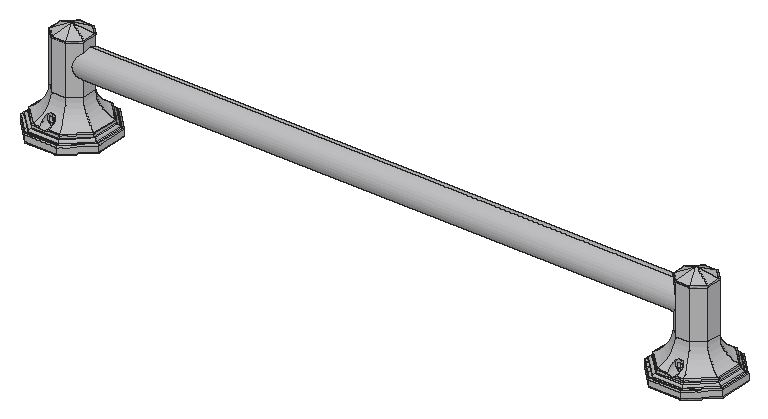
Revit family "Accessory-Towel_Bar-KALLISTA-For_Town-P31003-1", category Specialty Equipment, host Face, Revit 2022
Family settings
  Host = Face
  Round Connector Dimension = Use Diameter
  Part Type = Normal
  OmniClass Number = 23.31.25.00
  Cut with Voids When Loaded = No
  Maintain Annotation Orientation = No
  Shared = No
  Room Calculation Point = No
Parameters (values of type "CP-Chrome")
  Width = 2.77559"  # constant formula
  WaterSense Certified = 1 = 0  # no
  URL = "https://www.kallista.com/"
  Type = 2
  Product Page URL = "https://www.kallista.com/products/luxury-bathroom/showering/shower-fittings/for-town-shower-door-towel-bar-18-p31003-tt/cp-polished-chrome"
  Product Name = "For Town"  # constant formula
  Product Documentation Link = "https://techcomm.kohler.com/techcomm/pdf/P31003-TT_spec_US-CA_Kallista_en.pdf"
  Model = if(Type = 1, "P31003-TT-AD", if(Type = 2, "P31003-TT-CP", "NA"))  # "P31003-TT-CP"
  Material = "Premium Metal Construction"  # constant formula
  Master Format 2014 Name = "Toilet, Bath, and Laundry Accessories"  # constant formula
  Master Format 2014 = "10 28 00"  # constant formula
  Manufacturer Address = "444 Highland Dr, Kohler, WI 53044"  # constant formula
  Manufacturer = "Kallista Co."  # constant formula
  Length = 20.25197"  # constant formula
  Height = 2.25197"  # constant formula
  Finish = Kallista-Metal-CP-Chrome
  Environmental Product Declaration = ""
  Description = "Shower Door Towel Bar, 18 Inch"  # constant formula
  Default Elevation = 42"
  Declare Label = ""
  Date Modified = "05/18/2025"  # constant formula
  Date Created = "05/18/2025"  # constant formula
  Copyright = "Copyright Kallista Co."  # constant formula
  Contact Us = "https://www.kallista.com/corporate/contact-us/"
  Assembly Code = "C1030200"
  ADA Compliant = 1 = 0  # no
Types (3): name | Type | Product Page URL | Model | Finish
  (no name) | 2 | "https://www.kallista.com/products/luxury-bathroom/showering/shower-fittings/for-town-shower-door-towel-bar-18-p31003-tt/cp-polished-chrome" | "P31003-TT-CP" | Kallista-Metal-CP-Chrome
  AD-Nickel Silver | 1 | "https://www.kallista.com/products/luxury-bathroom/showering/shower-fittings/for-town-shower-door-towel-bar-18-p31003-tt/ad-nickel-silver" | "P31003-TT-AD" | Kallista-Metal-AD-Nickel_Silver
  CP-Chrome | 2 | "https://www.kallista.com/products/luxury-bathroom/showering/shower-fittings/for-town-shower-door-towel-bar-18-p31003-tt/cp-polished-chrome" | "P31003-TT-CP" | Kallista-Metal-CP-Chrome
Reference planes (in)
  plane 1 "Center (Front/Back)": y = 0
  plane 2: z = 0
  plane 3 "Center (Left/Right)": x = 0
  plane 4: x = -10.1259843
  plane 5: x = -7.8740157
  plane 6: x = 10.1259843
  plane 7: x = 7.8740157
  plane 8: y = 1.1259843
  plane 9: y = -1.1259843
  plane 10: y = 0.4055118
  plane 11: y = -0.4055118
  plane 12: x = 9
  plane 13: x = -9
  plane 14: z = 2.7755906
  plane 15: z = 1.5016326
  plane 16: z = 2.3126562
Dimensions and locks (in)
  "Length": plane 4 to plane 6
  "Height": plane 8 to plane 9
  "Width": level to plane 14
  plane 15 to level = 1.50163"
  plane 14 to level = 2.77559"
  plane 16 to level = 2.31266"
  plane 5 to plane 7 = 15.74803"
  plane 4 to plane 6 = 20.25197"
  plane 7 to plane 6 = 2.25197"
  aligned and locked: plane 2 to host face
  aligned and locked: level to host face
Automatic sketch dimensions
  host sketch curve to host sketch curve = 96"  (x2)
Nested families (in)
  nested 1: "P31003" at (0, 0, 0), type "P31003"
Definition of nested family "P31003"
  Parameters
    Material = none
    Default Elevation = 0"
  Reference planes (in)
    plane 1 "Center (Front/Back)": y = 0
    plane 2: z = 0
    plane 3 "Center (Left/Right)": x = 0
    plane 4: x = -10.1259843
    plane 5: x = 10.1259843
    plane 6: x = -9
    plane 7: x = 9
    plane 8: x = -7.8740157
    plane 9: y = 1.1259843
    plane 10: y = -1.1259843
    plane 11: x = 7.8740157
    plane 12: y = 0.4055118
    plane 13: y = -0.4055118
    plane 14: z = 2.7755906
    plane 15: z = 2.3126562
    plane 16: z = 1.9071444
    plane 17: z = 1.5016326
  Forms (in)
    Sweep 1, solid, material <- "Material"
      path origin (0, 0, 0) x (1, 0, 0) y (0, 1, 0)
        loop
          line (9.4644439, 1.1259843) -> (8.531954, 1.1259843) -> (7.8740157, 0.468046) -> (7.8740157, -0.4667888) -> (8.5332112, -1.1259843) -> (9.4645299, -1.1259843) -> (10.1259843, -0.4645299) -> (10.1259843, 0.4644439) -> (9.4644439, 1.1259843)
      profile origin (10.1259843, -0.000043, 0) x (-1, 0, 0) y (0, 0, 1)
        loop
          arc (0, 0.0212174) -> (0.0062144, 0.0062144) -> (0.0212174, 0) r 0.0212174
          line (0.0212174, 0) -> (0.8244918, 0) -> (0.8244918, 2.5439653) -> (0.6276414, 2.5439653) -> (0.6276414, 1.1271069)
          arc (0.6276414, 1.1271069) -> (0.5094484, 0.7152386) -> (0.1908403, 0.4287182) r 0.7767173
          arc (0.1908403, 0.4287182) -> (0.1791761, 0.4182286) -> (0.174849, 0.4031501) r 0.0284356
          line (0.174849, 0.4031501) -> (0.174849, 0.3364575)
          arc (0.174849, 0.3364575) -> (0.169371, 0.3216214) -> (0.155566, 0.3139054) r 0.0228292
          arc (0.155566, 0.3139054) -> (0.1132512, 0.2921584) -> (0.0921928, 0.2494969) r 0.0759035
          arc (0.0921928, 0.2494969) -> (0.0847569, 0.2349876) -> (0.0699344, 0.2281977) r 0.0248787
          line (0.0699344, 0.2281977) -> (0.0210534, 0.2235045)
          arc (0.0210534, 0.2235045) -> (0.0060494, 0.2159867) -> (0, 0.2003329) r 0.0232782
          line (0, 0.2003329) -> (0, 0.0212174)
    Sweep 2, solid, material <- "Material", detail levels medium+fine
      path origin (0, 0, 0) x (1, 0, 0) y (0, 1, 0)
        loop
          line (9.4988915, -0.2070554) -> (9.4988915, 0.2079368) -> (9.2061449, 0.5006835) -> (8.7904346, 0.5006835) -> (8.4988498, 0.2090986) -> (8.4988498, -0.2068858) -> (8.7900389, -0.4980749) -> (9.2078721, -0.4980749) -> (9.4988915, -0.2070554)
      profile origin (9.4988915, 0.0004407, 0) x (1, 0, 0) y (0, 0, 1)
        loop
          line (-0.4882121, 2.7798726) -> (-0.4882121, 2.7191391) -> (-0.0887944, 2.5328876) -> (-0.0109879, 2.5328876)
          arc (-0.0109879, 2.5328876) -> (0.0003615, 2.5419965) -> (-0.006075, 2.5550484) r 0.011625
          line (-0.006075, 2.5550484) -> (-0.4882121, 2.7798726)
    Revolve 3, void
      sketch origin (9.0551181, 0.0123031, 0) x (0, 1, 0) y (0, 0, 1)
        loop
          line (-0.2318585, 0.5288719) -> (-0.2318585, 0.5792705) -> (-0.3014924, 0.6202095) -> (-0.3255642, 0.5961378) -> (-0.3488347, 0.6194083) -> (-0.3716691, 0.5965739) -> (-0.3953047, 0.6202095) -> (-0.4193764, 0.5961378) -> (-0.442647, 0.6194083) -> (-0.4654814, 0.5965739) -> (-0.489117, 0.6202095) -> (-0.5131887, 0.5961378) -> (-0.5364592, 0.6194083) -> (-0.5592936, 0.5965739) -> (-0.5829293, 0.6202095) -> (-0.651793, 0.6202095) -> (-0.651793, 0.68995) -> (-0.9674267, 0.68995) -> (-0.9674267, 0.5288719) -> (-0.2318585, 0.5288719)
        axis (-0.2318585, 0.5288719) -> (-0.9674267, 0.5288719)
      angle from 0 to 360
    Sweep 4, solid, material <- "Material"
      path origin (0, 0, 0) x (-1, 0, 0) y (0, -1, 0)
        loop
          line (9.4644439, -1.1259843) -> (10.1259843, -0.4644439) -> (10.1259843, 0.4645299) -> (9.4645299, 1.1259843) -> (8.5332112, 1.1259843) -> (7.8740157, 0.4667888) -> (7.8740157, -0.468046) -> (8.531954, -1.1259843) -> (9.4644439, -1.1259843)
      profile origin (-10.1259843, -0.000043, 0) x (-1, 0, 0) y (0, 0, 1)
        loop
          line (0, 0.0212174) -> (0, 0.2003329)
          arc (0, 0.2003329) -> (-0.0060494, 0.2159867) -> (-0.0210534, 0.2235045) r 0.0232782
          line (-0.0210534, 0.2235045) -> (-0.0699344, 0.2281977)
          arc (-0.0699344, 0.2281977) -> (-0.0847569, 0.2349876) -> (-0.0921928, 0.2494969) r 0.0248787
          arc (-0.0921928, 0.2494969) -> (-0.1132512, 0.2921584) -> (-0.155566, 0.3139054) r 0.0759035
          arc (-0.155566, 0.3139054) -> (-0.169371, 0.3216214) -> (-0.174849, 0.3364575) r 0.0228292
          line (-0.174849, 0.3364575) -> (-0.174849, 0.4031501)
          arc (-0.174849, 0.4031501) -> (-0.1791761, 0.4182286) -> (-0.1908403, 0.4287182) r 0.0284356
          arc (-0.1908403, 0.4287182) -> (-0.5094484, 0.7152386) -> (-0.6276414, 1.1271069) r 0.7767173
          line (-0.6276414, 1.1271069) -> (-0.6276414, 2.5439653) -> (-0.8244918, 2.5439653) -> (-0.8244918, 0) -> (-0.0212174, 0)
          arc (-0.0212174, 0) -> (-0.0062144, 0.0062144) -> (0, 0.0212174) r 0.0212174
    Sweep 5, solid, material <- "Material"
      path origin (0, 0, 0) x (-1, 0, 0) y (0, -1, 0)
        loop
          line (9.4988915, 0.2070554) -> (9.2078721, 0.4980749) -> (8.7900389, 0.4980749) -> (8.4988498, 0.2068858) -> (8.4988498, -0.2090986) -> (8.7904346, -0.5006835) -> (9.2061449, -0.5006835) -> (9.4988915, -0.2079368) -> (9.4988915, 0.2070554)
      profile origin (-9.4988915, 0.0004407, 0) x (1, 0, 0) y (0, 0, 1)
        loop
          line (0.4882121, 2.7798726) -> (0.006075, 2.5550484)
          arc (0.006075, 2.5550484) -> (-0.0003615, 2.5419965) -> (0.0109879, 2.5328876) r 0.011625
          line (0.0109879, 2.5328876) -> (0.0887944, 2.5328876) -> (0.4882121, 2.7191391) -> (0.4882121, 2.7798726)
    Revolve 6, void
      sketch origin (-9.0551181, 0.0123031, 0) x (0, 1, 0) y (0, 0, -1)
        loop
          line (-0.2318585, -0.5288719) -> (-0.9674267, -0.5288719) -> (-0.9674267, -0.68995) -> (-0.651793, -0.68995) -> (-0.651793, -0.6202095) -> (-0.5829293, -0.6202095) -> (-0.5592936, -0.5965739) -> (-0.5364592, -0.6194083) -> (-0.5131887, -0.5961378) -> (-0.489117, -0.6202095) -> (-0.4654814, -0.5965739) -> (-0.442647, -0.6194083) -> (-0.4193764, -0.5961378) -> (-0.3953047, -0.6202095) -> (-0.3716691, -0.5965739) -> (-0.3488347, -0.6194083) -> (-0.3255642, -0.5961378) -> (-0.3014924, -0.6202095) -> (-0.2318585, -0.5792705) -> (-0.2318585, -0.5288719)
        axis (-0.2318585, -0.5288719) -> (-0.9674267, -0.5288719)
      angle from 0 to 360
    Revolve 7, solid, material <- "Material"
      sketch origin (0, 0, 0) x (1, 0, 0) y (0, 0, 1)
        loop
          line (-8.7600233, 2.3126562) -> (-8.7600233, 1.9071444) -> (8.9196027, 1.9071444) -> (8.9196027, 2.3126562) -> (-8.7600233, 2.3126562)
        axis (-8.7600233, 1.9071444) -> (8.9196027, 1.9071444)
      angle from 0 to 360
    Extrusion 8, solid, material <- "Material"
      sketch origin (0, 0, 0) x (1, 0, 0) y (0, 1, 0)
        loop
          line (9.1229282, 0.3014924) -> (8.8734697, 0.3014924) -> (8.6985076, 0.1265303) -> (8.6985076, -0.1252731) -> (8.8747269, -0.3014924) -> (9.1230142, -0.3014924) -> (9.3014924, -0.1230142) -> (9.3014924, 0.1229282) -> (9.1229282, 0.3014924)
        loop
          line (-8.8734697, 0.3014924) -> (-9.1229282, 0.3014924) -> (-9.3014924, 0.1229282) -> (-9.3014924, -0.1230142) -> (-9.1230142, -0.3014924) -> (-8.8747269, -0.3014924) -> (-8.6985076, -0.1252731) -> (-8.6985076, 0.1265303) -> (-8.8734697, 0.3014924)
      from 0 to 2.5328876
    Sweep 9, solid, material <- "Material"
      path origin (0, 0, 0) x (1, 0, 0) y (0, 1, 0)
        loop
          line (9.4988915, -0.2070554) -> (9.4988915, 0.2079368) -> (9.2061449, 0.5006835) -> (8.7904346, 0.5006835) -> (8.4988498, 0.2090986) -> (8.4988498, -0.2068858) -> (8.7900389, -0.4980749) -> (9.2078721, -0.4980749) -> (9.4988915, -0.2070554)
      profile origin (9.4988915, 0.0004407, 0) x (1, 0, 0) y (0, 0, 1)
        loop
          line (-0.4882121, 2.7798726) -> (-0.4882121, 2.7191391) -> (-0.0887944, 2.5328876) -> (-0.0109879, 2.5328876)
          arc (-0.0109879, 2.5328876) -> (0.0003615, 2.5419965) -> (-0.006075, 2.5550484) r 0.011625
          line (-0.006075, 2.5550484) -> (-0.4882121, 2.7798726)
    Sweep 10, solid, material <- "Material", detail levels coarse
      path origin (0, 0, 0) x (-1, 0, 0) y (0, -1, 0)
        loop
          line (9.4644439, -1.1259843) -> (10.1259843, -0.4644439) -> (10.1259843, 0.4645299) -> (9.4645299, 1.1259843) -> (8.5332112, 1.1259843) -> (7.8740157, 0.4667888) -> (7.8740157, -0.468046) -> (8.531954, -1.1259843) -> (9.4644439, -1.1259843)
      profile origin (-10.1259843, -0.000043, 0) x (-1, 0, 0) y (0, 0, 1)
        loop
          line (0, 0.0212174) -> (0, 0.2281977) -> (-0.0665893, 0.2281977) -> (-0.174849, 0.3364575) -> (-0.174849, 0.4195814) -> (-0.6276414, 1.1271069) -> (-0.6276414, 2.5439653) -> (-0.8244918, 2.5439653) -> (-0.8244918, 0) -> (-0.0212174, 0)
          arc (-0.0212174, 0) -> (-0.0062144, 0.0062144) -> (0, 0.0212174) r 0.0212174
    Sweep 11, solid, material <- "Material", detail levels coarse
      path origin (0, 0, 0) x (1, 0, 0) y (0, 1, 0)
        loop
          line (9.4644439, 1.1259843) -> (8.531954, 1.1259843) -> (7.8740157, 0.468046) -> (7.8740157, -0.4667888) -> (8.5332112, -1.1259843) -> (9.4645299, -1.1259843) -> (10.1259843, -0.4645299) -> (10.1259843, 0.4644439) -> (9.4644439, 1.1259843)
      profile origin (10.1259843, -0.000043, 0) x (-1, 0, 0) y (0, 0, 1)
        loop
          arc (0, 0.0212174) -> (0.0062144, 0.0062144) -> (0.0212174, 0) r 0.0212174
          line (0.0212174, 0) -> (0.8244918, 0) -> (0.8244918, 2.5439653) -> (0.6276414, 2.5439653) -> (0.6276414, 1.1271069) -> (0.174849, 0.4195814) -> (0.174849, 0.3364575) -> (0.0665893, 0.2281977) -> (0, 0.2281977) -> (0, 0.0212174)
  Cuts and joins
    Revolve 3, Revolve 6 cuts Sweep 1
    Revolve 6 cuts Sweep 4
    joined: Sweep 1, Sweep 4, Revolve 7, Extrusion 8
  Lines and regions (in)
    Masking region 1
      outline origin (0, 0, 0) x (1, 0, 0) y (0, 1, 0)
        loop
          line (-7.8740157, 0.468159) -> (-8.531841, 1.1259843) -> (-9.4675669, 1.1259843) -> (-10.1259843, 0.4675669) -> (-10.1259843, -0.4646152) -> (-9.4646152, -1.1259843) -> (-8.5332112, -1.1259843) -> (-7.8740157, -0.4667888) -> (-7.8740157, -0.4055118) -> (7.8740157, -0.4055118) -> (7.8740157, -0.4667888) -> (8.5332112, -1.1259843) -> (9.4646152, -1.1259843) -> (10.1259843, -0.4646152) -> (10.1259843, 0.4675669) -> (9.4675669, 1.1259843) -> (8.531841, 1.1259843) -> (7.8740157, 0.468159) -> (7.8740157, 0.4055118) -> (-7.8740157, 0.4055118) -> (-7.8740157, 0.468159)
    Masking region 2
      outline origin (0, 0, 0) x (1, 0, 0) y (0, 0, 1)
        loop
          line (-9.4983428, 2.5351547) -> (-9.4983428, 1.1271069)
          arc (-9.4983428, 1.1271069) -> (-9.6165358, 0.7152386) -> (-9.9351439, 0.4287182) r 0.7767173
          arc (-9.9351439, 0.4287182) -> (-9.9468082, 0.4182286) -> (-9.9511352, 0.4031501) r 0.0284356
          line (-9.9511352, 0.4031501) -> (-9.9511352, 0.3364575)
          arc (-9.9511352, 0.3364575) -> (-9.9567906, 0.3214165) -> (-9.9709547, 0.3138276) r 0.0228292
          spline (-9.9709547, 0.3138276) -> (-9.9783867, 0.3122708) -> (-9.9856627, 0.3100252) -> (-9.9926864, 0.3069763) -> (-9.9993825, 0.3031569) -> (-10.005679, 0.2986081) -> (-10.0115085, 0.2933784) -> (-10.0168084, 0.2875242) -> (-10.021522, 0.2811081) -> (-10.0255985, 0.2741989) -> (-10.0289944, 0.2668709) -> (-10.0316732, 0.2592025) -> (-10.0336061, 0.251276)
          arc (-10.0336061, 0.251276) -> (-10.0405922, 0.2356175) -> (-10.0560499, 0.2281977) r 0.0248787
          line (-10.0560499, 0.2281977) -> (-10.1049309, 0.2235045)
          arc (-10.1049309, 0.2235045) -> (-10.1199349, 0.2159867) -> (-10.1259843, 0.2003329) r 0.0232782
          line (-10.1259843, 0.2003329) -> (-10.1259843, 0.0199809)
          spline (-10.1259843, 0.0199809) -> (-10.1255709, 0.0172308) -> (-10.1248405, 0.0145597) -> (-10.1238046, 0.0120098) -> (-10.1224796, 0.0096216) -> (-10.1208865, 0.0074329) -> (-10.1190506, 0.0054784) -> (-10.1170008, 0.0037889) -> (-10.1147698, 0.0023913) -> (-10.1123927, 0.0013077) -> (-10.1099073, 0.0005552) -> (-10.1073528, 0.0001457) -> (-10.1047699, 0.0000859)
          line (-10.1047699, 0.0000859) -> (-7.8952332, 0)
          arc (-7.8952332, 0) -> (-7.8802302, 0.0062144) -> (-7.8740157, 0.0212174) r 0.0212174
          line (-7.8740157, 0.0212174) -> (-7.8740157, 0.2015514)
          spline (-7.8740157, 0.2015514) -> (-7.874411, 0.2043886) -> (-7.8751154, 0.2071545) -> (-7.8761191, 0.2098101) -> (-7.8774077, 0.2123174) -> (-7.878963, 0.2146409) -> (-7.8807629, 0.2167476) -> (-7.8827817, 0.2186076) -> (-7.884991, 0.2201945) -> (-7.8873591, 0.2214857) -> (-7.8898527, 0.2224629) -> (-7.8924361, 0.2231123) -> (-7.8950728, 0.2234245)
          line (-7.8950728, 0.2234245) -> (-7.9439501, 0.2281977)
          arc (-7.9439501, 0.2281977) -> (-7.9594186, 0.2356287) -> (-7.966396, 0.251307) r 0.0248787
          spline (-7.966396, 0.251307) -> (-7.9683165, 0.2592298) -> (-7.9709847, 0.2668944) -> (-7.974372, 0.2742186) -> (-7.9784421, 0.281124) -> (-7.9831513, 0.2875366) -> (-7.9884492, 0.2933876) -> (-7.994279, 0.2986144) -> (-8.0005782, 0.3031608) -> (-8.0072792, 0.3069782) -> (-8.0143104, 0.3100256) -> (-8.0215963, 0.3122705) -> (-8.0290587, 0.3136887)
          arc (-8.0290587, 0.3136887) -> (-8.0432078, 0.3214146) -> (-8.0488648, 0.3364575) r 0.0228292
          line (-8.0488648, 0.3364575) -> (-8.0488648, 0.4040824)
          spline (-8.0488648, 0.4040824) -> (-8.0491012, 0.4066546) -> (-8.0495533, 0.4091926) -> (-8.0502173, 0.4116754) -> (-8.0510877, 0.4140824) -> (-8.0521572, 0.4163935) -> (-8.0534171, 0.4185895) -> (-8.0548567, 0.420652) -> (-8.0564641, 0.4225641) -> (-8.0582259, 0.4243096) -> (-8.0601276, 0.4258742) -> (-8.0621532, 0.4272449) -> (-8.0642858, 0.4284101)
          arc (-8.0642858, 0.4284101) -> (-8.3832929, 0.7149648) -> (-8.5016572, 1.1271069) r 0.7767173
          line (-8.5016572, 1.1271069) -> (-8.5016572, 1.5016326) -> (8.5016572, 1.5016326) -> (8.5016572, 1.1271069)
          arc (8.5016572, 1.1271069) -> (8.3832929, 0.7149648) -> (8.0642752, 0.4284357) r 0.7767173
          spline (8.0642752, 0.4284357) -> (8.0621532, 0.4272449) -> (8.0601276, 0.4258742) -> (8.0582259, 0.4243096) -> (8.0564641, 0.4225641) -> (8.0548567, 0.420652) -> (8.0534171, 0.4185895) -> (8.0521572, 0.4163935) -> (8.0510877, 0.4140824) -> (8.0502173, 0.4116754) -> (8.0495533, 0.4091926) -> (8.0491012, 0.4066546) -> (8.0488648, 0.4040824)
          line (8.0488648, 0.4040824) -> (8.0488648, 0.3364575)
          arc (8.0488648, 0.3364575) -> (8.0432078, 0.3214146) -> (8.0290404, 0.3138269) r 0.0228292
          spline (8.0290404, 0.3138269) -> (8.0215963, 0.3122705) -> (8.0143104, 0.3100256) -> (8.0072792, 0.3069782) -> (8.0005782, 0.3031608) -> (7.994279, 0.2986144) -> (7.9884492, 0.2933876) -> (7.9831513, 0.2875366) -> (7.9784421, 0.281124) -> (7.974372, 0.2742186) -> (7.9709847, 0.2668944) -> (7.9683165, 0.2592298) -> (7.966396, 0.251307)
          arc (7.966396, 0.251307) -> (7.9594186, 0.2356287) -> (7.9439501, 0.2281977) r 0.0248787
          line (7.9439501, 0.2281977) -> (7.8950691, 0.2235045)
          spline (7.8950691, 0.2235045) -> (7.8924361, 0.2231123) -> (7.8898527, 0.2224629) -> (7.8873591, 0.2214857) -> (7.884991, 0.2201945) -> (7.8827817, 0.2186076) -> (7.8807629, 0.2167476) -> (7.878963, 0.2146409) -> (7.8774077, 0.2123174) -> (7.8761191, 0.2098101) -> (7.8751154, 0.2071545) -> (7.874411, 0.2043886) -> (7.8740157, 0.2015514)
          line (7.8740157, 0.2015514) -> (7.8740157, 0.0212174)
          arc (7.8740157, 0.0212174) -> (7.8802302, 0.0062144) -> (7.8952332, 0) r 0.0212174
          line (7.8952332, 0) -> (10.1047668, 0)
          spline (10.1047668, 0) -> (10.1073528, 0.0001457) -> (10.1099073, 0.0005552) -> (10.1123927, 0.0013077) -> (10.1147698, 0.0023913) -> (10.1170008, 0.0037889) -> (10.1190506, 0.0054784) -> (10.1208865, 0.0074329) -> (10.1224796, 0.0096216) -> (10.1238046, 0.0120098) -> (10.1248405, 0.0145597) -> (10.1255709, 0.0172308) -> (10.1259843, 0.0199809)
          line (10.1259843, 0.0199809) -> (10.1259843, 0.2003329)
          arc (10.1259843, 0.2003329) -> (10.1199349, 0.2159867) -> (10.1049309, 0.2235045) r 0.0232782
          line (10.1049309, 0.2235045) -> (10.0560499, 0.2281977)
          arc (10.0560499, 0.2281977) -> (10.0405922, 0.2356175) -> (10.0336061, 0.251276) r 0.0248787
          spline (10.0336061, 0.251276) -> (10.0316732, 0.2592025) -> (10.0289944, 0.2668709) -> (10.0255985, 0.2741989) -> (10.021522, 0.2811081) -> (10.0168084, 0.2875242) -> (10.0115085, 0.2933784) -> (10.005679, 0.2986081) -> (9.9993825, 0.3031569) -> (9.9926864, 0.3069763) -> (9.9856627, 0.3100252) -> (9.9783867, 0.3122708) -> (9.9709363, 0.3136892)
          arc (9.9709363, 0.3136892) -> (9.9567906, 0.3214165) -> (9.9511352, 0.3364575) r 0.0228292
          line (9.9511352, 0.3364575) -> (9.9511352, 0.4031501)
          arc (9.9511352, 0.4031501) -> (9.9468082, 0.4182286) -> (9.9351439, 0.4287182) r 0.0284356
          arc (9.9351439, 0.4287182) -> (9.6165358, 0.7152386) -> (9.4983428, 1.1271069) r 0.7767173
          line (9.4983428, 1.1271069) -> (9.4983428, 2.5340284)
          arc (9.4983428, 2.5340284) -> (9.4937407, 2.5495927) -> (9.4814144, 2.5601516) r 0.0286202
          line (9.4814144, 2.5601516) -> (9, 2.7756145) -> (8.5206477, 2.5620532)
          arc (8.5206477, 2.5620532) -> (8.5068212, 2.5502399) -> (8.5016572, 2.5328026) r 0.0320222
          line (8.5016572, 2.5328026) -> (8.5016572, 2.3126562) -> (-8.5016572, 2.3126562) -> (-8.5016572, 2.5329646)
          arc (-8.5016572, 2.5329646) -> (-8.5067114, 2.5503048) -> (-8.520291, 2.5622137) r 0.0322729
          line (-8.520291, 2.5622137) -> (-9, 2.7755906) -> (-9.4826485, 2.5597898)
          arc (-9.4826485, 2.5597898) -> (-9.4940859, 2.5497595) -> (-9.4983428, 2.5351547) r 0.0271819
    Masking region 3
      outline origin (0, 0, 0) x (0, 1, 0) y (0, 0, 1)
        loop
          line (0.4983428, 1.1271069) -> (0.4983428, 2.5354971)
          arc (0.4983428, 2.5354971) -> (0.4939009, 2.5505004) -> (0.482007, 2.5606673) r 0.0275591
          line (0.482007, 2.5606673) -> (0, 2.7755906) -> (-0.4820565, 2.5595055)
          arc (-0.4820565, 2.5595055) -> (-0.4939157, 2.549338) -> (-0.4983428, 2.5343575) r 0.0275591
          line (-0.4983428, 2.5343575) -> (-0.4983428, 1.1271069)
          arc (-0.4983428, 1.1271069) -> (-0.6165358, 0.7152386) -> (-0.9351439, 0.4287182) r 0.7767173
          arc (-0.9351439, 0.4287182) -> (-0.9468082, 0.4182286) -> (-0.9511352, 0.4031501) r 0.0284356
          line (-0.9511352, 0.4031501) -> (-0.9511352, 0.3364575)
          arc (-0.9511352, 0.3364575) -> (-0.9567922, 0.3214146) -> (-0.9709596, 0.3138269) r 0.0228292
          spline (-0.9709596, 0.3138269) -> (-0.9784037, 0.3122705) -> (-0.9856896, 0.3100256) -> (-0.9927208, 0.3069782) -> (-0.9994218, 0.3031608) -> (-1.005721, 0.2986144) -> (-1.0115508, 0.2933876) -> (-1.0168487, 0.2875366) -> (-1.0215579, 0.281124) -> (-1.025628, 0.2742186) -> (-1.0290153, 0.2668944) -> (-1.0316835, 0.2592298) -> (-1.033604, 0.251307)
          arc (-1.033604, 0.251307) -> (-1.0405814, 0.2356287) -> (-1.0560499, 0.2281977) r 0.0248787
          line (-1.0560499, 0.2281977) -> (-1.1049309, 0.2235045)
          arc (-1.1049309, 0.2235045) -> (-1.1199349, 0.2159867) -> (-1.1259843, 0.2003329) r 0.0232782
          line (-1.1259843, 0.2003329) -> (-1.1259843, 0.0200315)
          spline (-1.1259843, 0.0200315) -> (-1.1255669, 0.0172762) -> (-1.124833, 0.0145993) -> (-1.123794, 0.0120434) -> (-1.1224665, 0.0096492) -> (-1.1208717, 0.0074546) -> (-1.1190347, 0.0054946) -> (-1.1169849, 0.0038002) -> (-1.1147548, 0.0023984) -> (-1.1123797, 0.0013115) -> (-1.1098976, 0.0005567) -> (-1.1073476, 0.0001459) -> (-1.1047705, 0.0000859)
          line (-1.1047705, 0.0000859) -> (1.10286, 0.0000859)
          arc (1.10286, 0.0000859) -> (1.1190798, 0.0055548) -> (1.1259843, 0.0212174) r 0.0212174
          line (1.1259843, 0.0212174) -> (1.1259843, 0.2003329)
          arc (1.1259843, 0.2003329) -> (1.1199349, 0.2159867) -> (1.1049309, 0.2235045) r 0.0232782
          line (1.1049309, 0.2235045) -> (1.0560499, 0.2281977)
          arc (1.0560499, 0.2281977) -> (1.0405922, 0.2356175) -> (1.0336061, 0.251276) r 0.0248787
          spline (1.0336061, 0.251276) -> (1.0316732, 0.2592025) -> (1.0289944, 0.2668709) -> (1.0255985, 0.2741989) -> (1.021522, 0.2811081) -> (1.0168084, 0.2875242) -> (1.0115085, 0.2933784) -> (1.005679, 0.2986081) -> (0.9993825, 0.3031569) -> (0.9926864, 0.3069763) -> (0.9856627, 0.3100252) -> (0.9783867, 0.3122708) -> (0.9709363, 0.3136892)
          arc (0.9709363, 0.3136892) -> (0.9567906, 0.3214165) -> (0.9511352, 0.3364575) r 0.0228292
          line (0.9511352, 0.3364575) -> (0.9511352, 0.4031501)
          arc (0.9511352, 0.4031501) -> (0.9468082, 0.4182286) -> (0.9351439, 0.4287182) r 0.0284356
          arc (0.9351439, 0.4287182) -> (0.6165358, 0.7152386) -> (0.4983428, 1.1271069) r 0.7767173
    symbolic lines, detail levels medium+fine
      curve 1: line (-9.2044663, 0.4983428, 0) -> (-9.4983428, 0.2044663, 0)
      curve 2: line (-9.4983428, 0.2044663, 0) -> (-9.4983428, -0.2045523, 0)
      curve 3: line (-9.4983428, -0.2045523, 0) -> (-9.2045523, -0.4983428, 0)
      curve 4: line (-9.2045523, -0.4983428, 0) -> (-8.7931888, -0.4983428, 0)
      curve 5: line (-8.7931888, -0.4983428, 0) -> (-8.7003578, -0.4055118, 0)
      curve 6: line (-8.5016572, -0.2068112, 0) -> (-8.5016572, 0.2080684, 0)
      curve 7: line (-8.5016572, 0.2080684, 0) -> (-8.6991006, 0.4055118, 0)
      curve 8: line (-8.7919316, 0.4983428, 0) -> (-9.2044663, 0.4983428, 0)
      curve 9: line (-8.6288554, 0.8920436, 0) -> (-9.3675425, 0.8920436, 0)
      curve 10: line (-9.3675425, 0.8920436, 0) -> (-9.8920436, 0.3675425, 0)
      curve 11: line (-9.8920436, 0.3675425, 0) -> (-9.8920436, -0.3676286, 0)
      curve 12: line (-9.8920436, -0.3676286, 0) -> (-9.3676286, -0.8920436, 0)
      curve 13: line (-9.3676286, -0.8920436, 0) -> (-8.6301126, -0.8920436, 0)
      curve 14: line (-8.6301126, -0.8920436, 0) -> (-8.1435808, -0.4055118, 0)
      curve 15: line (-8.1423236, 0.4055118, 0) -> (-8.6288554, 0.8920436, 0)
      curve 16: line (-9.3838501, 0.9314137, 0) -> (-9.9314137, 0.3838501, 0)
      curve 17: line (-9.9314137, 0.3838501, 0) -> (-9.9314137, -0.3839362, 0)
      curve 18: line (-9.9314137, -0.3839362, 0) -> (-9.3839362, -0.9314137, 0)
      curve 19: line (-9.3839362, -0.9314137, 0) -> (-8.6138049, -0.9314137, 0)
      curve 20: line (-8.6138049, -0.9314137, 0) -> (-8.0879031, -0.4055118, 0)
      curve 21: line (-8.0866459, 0.4055118, 0) -> (-8.6125478, 0.9314137, 0)
      curve 22: line (-8.6125478, 0.9314137, 0) -> (-9.3838501, 0.9314137, 0)
      curve 23: line (-9.432773, 1.0495239, 0) -> (-10.0495239, 0.432773, 0)
      curve 24: line (-10.0495239, 0.432773, 0) -> (-10.0495239, -0.432859, 0)
      curve 25: line (-10.0495239, -0.432859, 0) -> (-9.432859, -1.0495239, 0)
      curve 26: line (-9.432859, -1.0495239, 0) -> (-8.5648821, -1.0495239, 0)
      curve 27: line (-8.5648821, -1.0495239, 0) -> (-7.92087, -0.4055118, 0)
      curve 28: line (-7.9196128, 0.4055118, 0) -> (-8.5636249, 1.0495239, 0)
      curve 29: line (-8.5636249, 1.0495239, 0) -> (-9.432773, 1.0495239, 0)
      curve 30: line (-9.4164654, 1.0101538, 0) -> (-10.0101538, 0.4164654, 0)
      curve 31: line (-8.5799326, 1.0101538, 0) -> (-9.4164654, 1.0101538, 0)
      curve 32: line (-7.9752905, 0.4055118, 0) -> (-8.5799326, 1.0101538, 0)
      curve 33: line (-8.5811897, -1.0101538, 0) -> (-7.9765477, -0.4055118, 0)
      curve 34: line (-9.4165514, -1.0101538, 0) -> (-8.5811897, -1.0101538, 0)
      curve 35: line (-10.0101538, -0.4165514, 0) -> (-9.4165514, -1.0101538, 0)
      curve 36: line (-10.0101538, 0.4164654, 0) -> (-10.0101538, -0.4165514, 0)
      curve 37: line (-9.2044663, 0.4983428, 0) -> (-9.3675425, 0.8920436, 0)
      curve 38: line (-9.4675669, 1.1259843, 0) -> (-9.3707927, 0.8923508, 0)
      curve 39: line (-8.7919316, 0.4983428, 0) -> (-8.5309033, 1.1261008, 0)
      curve 40: line (-8.5419318, -1.1049309, 0) -> (-8.7931888, -0.4983428, 0)
      curve 41: line (-9.4645299, -1.1259843, 0) -> (-9.2031051, -0.494847, 0)
      curve 42: line (-9.4983428, -0.2045523, 0) -> (-10.1260638, -0.4645629, 0)
      curve 43: line (-9.4983428, 0.2044663, 0) -> (-10.1259843, 0.4644431, 0)
      curve 44: line (-9, 0, 0) -> (-9.4983428, 0.2044663, 0)
      curve 45: line (-9, 0, 0) -> (-8.5016572, 0.2080684, 0)
      curve 46: line (-9, 0, 0) -> (-9.2044663, 0.4983428, 0)
      curve 47: line (-9, 0, 0) -> (-8.7919316, 0.4983428, 0)
      curve 48: line (-9, 0, 0) -> (-9.2031051, -0.494847, 0)
      curve 49: line (-9, 0, 0) -> (-9.4983428, -0.2045523, 0)
      curve 50: line (-9, 0, 0) -> (-8.7931888, -0.4983428, 0)
      curve 51: line (-9, 0, 0) -> (-8.5016572, -0.2068112, 0)
      curve 52: line (-7.8740157, 0.4055118, 0) -> (-8.6991006, 0.4055118, 0)
      curve 53: line (-7.8740157, -0.4055118, 0) -> (-8.7003578, -0.4055118, 0)
      curve 54: line (-8.6991006, 0.4055118, 0) -> (-8.7919316, 0.4983428, 0)
      curve 55: line (-8.7003578, -0.4055118, 0) -> (-8.5016572, -0.2068112, 0)
      curve 56: arc (-9.0512531, 0.8920436, 0) -> (-9.0612613, 0.858287, 0) -> (-9.0571903, 0.8233142, 0) r 0.0877234
      curve 57: arc (-8.9487469, 0.8920436, 0) -> (-8.9387387, 0.858287, 0) -> (-8.9428097, 0.8233142, 0) r 0.0877234
      curve 58: arc (-9.0571903, 0.8233142, 0) -> (-9, 0.7819278, 0) -> (-8.9428097, 0.8233142, 0) r 0.0602078
      curve 59: line (9.2044663, 0.4983428, 0) -> (9.4983428, 0.2044663, 0)
      curve 60: line (9.4983428, 0.2044663, 0) -> (9.4983428, -0.2045523, 0)
      curve 61: line (9.4983428, -0.2045523, 0) -> (9.2045523, -0.4983428, 0)
      curve 62: line (9.2045523, -0.4983428, 0) -> (8.7931888, -0.4983428, 0)
      curve 63: line (8.7931888, -0.4983428, 0) -> (8.7003578, -0.4055118, 0)
      curve 64: line (8.5016572, -0.2068112, 0) -> (8.5016572, 0.2080684, 0)
      curve 65: line (8.5016572, 0.2080684, 0) -> (8.6991006, 0.4055118, 0)
      curve 66: line (8.7919316, 0.4983428, 0) -> (9.2044663, 0.4983428, 0)
      curve 67: line (8.6288554, 0.8920436, 0) -> (9.3675425, 0.8920436, 0)
      curve 68: line (9.3675425, 0.8920436, 0) -> (9.8920436, 0.3675425, 0)
      curve 69: line (9.8920436, 0.3675425, 0) -> (9.8920436, -0.3676286, 0)
      curve 70: line (9.8920436, -0.3676286, 0) -> (9.3676286, -0.8920436, 0)
      curve 71: line (9.3676286, -0.8920436, 0) -> (8.6301126, -0.8920436, 0)
      curve 72: line (8.6301126, -0.8920436, 0) -> (8.1435808, -0.4055118, 0)
      curve 73: line (8.1423236, 0.4055118, 0) -> (8.6288554, 0.8920436, 0)
      curve 74: line (9.3838501, 0.9314137, 0) -> (9.9314137, 0.3838501, 0)
      curve 75: line (9.9314137, 0.3838501, 0) -> (9.9314137, -0.3839362, 0)
      curve 76: line (9.9314137, -0.3839362, 0) -> (9.3839362, -0.9314137, 0)
      curve 77: line (9.3839362, -0.9314137, 0) -> (8.6138049, -0.9314137, 0)
      curve 78: line (8.6138049, -0.9314137, 0) -> (8.0879031, -0.4055118, 0)
      curve 79: line (8.0866459, 0.4055118, 0) -> (8.6125478, 0.9314137, 0)
      curve 80: line (8.6125478, 0.9314137, 0) -> (9.3838501, 0.9314137, 0)
      curve 81: line (9.432773, 1.0495239, 0) -> (10.0495239, 0.432773, 0)
      curve 82: line (10.0495239, 0.432773, 0) -> (10.0495239, -0.432859, 0)
      curve 83: line (10.0495239, -0.432859, 0) -> (9.432859, -1.0495239, 0)
      curve 84: line (9.432859, -1.0495239, 0) -> (8.5648821, -1.0495239, 0)
      curve 85: line (8.5648821, -1.0495239, 0) -> (7.92087, -0.4055118, 0)
      curve 86: line (7.9196128, 0.4055118, 0) -> (8.5636249, 1.0495239, 0)
      curve 87: line (8.5636249, 1.0495239, 0) -> (9.432773, 1.0495239, 0)
      curve 88: line (9.4164654, 1.0101538, 0) -> (10.0101538, 0.4164654, 0)
      curve 89: line (8.5799326, 1.0101538, 0) -> (9.4164654, 1.0101538, 0)
      curve 90: line (7.9752905, 0.4055118, 0) -> (8.5799326, 1.0101538, 0)
      curve 91: line (8.5811897, -1.0101538, 0) -> (7.9765477, -0.4055118, 0)
      curve 92: line (9.4165514, -1.0101538, 0) -> (8.5811897, -1.0101538, 0)
      curve 93: line (10.0101538, -0.4165514, 0) -> (9.4165514, -1.0101538, 0)
      curve 94: line (10.0101538, 0.4164654, 0) -> (10.0101538, -0.4165514, 0)
      curve 95: line (9.2044663, 0.4983428, 0) -> (9.3675425, 0.8920436, 0)
      curve 96: line (9.4675669, 1.1259843, 0) -> (9.3707927, 0.8923508, 0)
      curve 97: line (8.7919316, 0.4983428, 0) -> (8.5309033, 1.1261008, 0)
      curve 98: line (8.5419318, -1.1049309, 0) -> (8.7931888, -0.4983428, 0)
      curve 99: line (9.4645299, -1.1259843, 0) -> (9.2031051, -0.494847, 0)
      curve 100: line (9.4983428, -0.2045523, 0) -> (10.1260638, -0.4645629, 0)
      curve 101: line (9.4983428, 0.2044663, 0) -> (10.1259843, 0.4644431, 0)
      curve 102: line (9, 0, 0) -> (9.4983428, 0.2044663, 0)
      curve 103: line (9, 0, 0) -> (8.5016572, 0.2080684, 0)
      curve 104: line (9, 0, 0) -> (9.2044663, 0.4983428, 0)
      curve 105: line (9, 0, 0) -> (8.7919316, 0.4983428, 0)
      curve 106: line (9, 0, 0) -> (9.2031051, -0.494847, 0)
      curve 107: line (9, 0, 0) -> (9.4983428, -0.2045523, 0)
      curve 108: line (9, 0, 0) -> (8.7931888, -0.4983428, 0)
      curve 109: line (9, 0, 0) -> (8.5016572, -0.2068112, 0)
      curve 110: line (7.8740157, 0.4055118, 0) -> (8.6991006, 0.4055118, 0)
      curve 111: line (7.8740157, -0.4055118, 0) -> (8.7003578, -0.4055118, 0)
      curve 112: line (8.6991006, 0.4055118, 0) -> (8.7919316, 0.4983428, 0)
      curve 113: line (8.7003578, -0.4055118, 0) -> (8.5016572, -0.2068112, 0)
      curve 114: arc (9.0512531, 0.8920436, 0) -> (9.0612613, 0.858287, 0) -> (9.0571903, 0.8233142, 0) r 0.0877234
      curve 115: arc (8.9487469, 0.8920436, 0) -> (8.9387387, 0.858287, 0) -> (8.9428097, 0.8233142, 0) r 0.0877234
      curve 116: arc (9.0571903, 0.8233142, 0) -> (9, 0.7819278, 0) -> (8.9428097, 0.8233142, 0) r 0.0602078
      curve 117: line (-8.5016572, 0, 2.5439653) -> (-9.4983428, 0, 2.5439653)
      curve 118: line (-9, 0, 2.7755906) -> (-9.205749, 0, 2.5439653)
      curve 119: line (-9, 0, 2.7755906) -> (-8.7935561, 0, 2.5439653)
      curve 120: line (-8.5025307, 0, 1.1270871) -> (-9.4974693, 0, 1.1270871)
      curve 121: line (-9.9354997, 0, 0.4296422) -> (-8.0667481, 0, 0.4296422)
      curve 122: line (-9.9511352, 0, 0.3364575) -> (-8.0488648, 0, 0.3364575)
      curve 123: line (-10.0337336, 0, 0.2494851) -> (-7.966396, 0, 0.251307)
      curve 124: line (-10.1259843, 0, 0.2003329) -> (-7.8740157, 0, 0.2015514)
      curve 125: line (-10.1259843, 0, 0.0212174) -> (-7.8740157, 0, 0.0212174)
      curve 126: line (-9.9709581, 0, 0.3138221) -> (-8.0290404, 0, 0.3138269)
      curve 127: line (-9.9511671, 0, 0.4031509) -> (-8.0488648, 0, 0.4040824)
      curve 128: spline (-9.3856227, 0, 0.4296422) -> (-9.36029, 0, 0.4616732) -> (-9.3361965, 0, 0.4999818) -> (-9.3135642, 0, 0.5442152) -> (-9.2926015, 0, 0.5939662) -> (-9.2735014, 0, 0.6487764) -> (-9.2564399, 0, 0.7081413) -> (-9.2415741, 0, 0.7715141) -> (-9.2290408, 0, 0.8383111) -> (-9.2189554, 0, 0.9079173) -> (-9.2114109, 0, 0.9796917) -> (-9.2064768, 0, 1.0529732) -> (-9.2041984, 0, 1.1270871)
      curve 129: spline (-8.6121041, 0, 0.4296422) -> (-8.6380747, 0, 0.4616732) -> (-8.6626986, 0, 0.4999818) -> (-8.6857492, 0, 0.5442152) -> (-8.7070142, 0, 0.5939662) -> (-8.7262977, 0, 0.6487764) -> (-8.7434222, 0, 0.7081413) -> (-8.75823, 0, 0.7715141) -> (-8.7705847, 0, 0.8383111) -> (-8.7803724, 0, 0.9079173) -> (-8.7875032, 0, 0.9796917) -> (-8.7919113, 0, 1.0529732) -> (-8.7935561, 0, 1.1270871)
      curve 130: line (-9.4645299, 0, 0.0212174) -> (-9.4645299, 0, 0.2003329)
      curve 131: arc (-9.4645299, 0, 0.2003329) -> (-9.448362, 0, 0.3230003) -> (-9.3856227, 0, 0.4296422) r 0.3108278
      curve 132: line (-8.5332112, 0, 0.0212174) -> (-8.5332112, 0, 0.2003329)
      curve 133: arc (-8.5332112, 0, 0.2003329) -> (-8.5485862, 0, 0.3232693) -> (-8.6121041, 0, 0.4296422) r 0.301492
      curve 134: line (-9.2041984, 0, 1.1270871) -> (-9.2041984, 0, 2.5439653)
      curve 135: line (-8.7935561, 0, 1.1270871) -> (-8.7935561, 0, 2.5439653)
      curve 136: arc (-8.5016572, 0, 1.5016326) -> (-8.7449395, 0, 1.9071444) -> (-8.5016572, 0, 2.3126562) r 0.4596021
      curve 137: line (8.5016572, 0, 2.5439653) -> (9.4983428, 0, 2.5439653)
      curve 138: line (9, 0, 2.7755906) -> (9.205749, 0, 2.5439653)
      curve 139: line (9, 0, 2.7755906) -> (8.7935561, 0, 2.5439653)
      curve 140: line (8.5025307, 0, 1.1270871) -> (9.4974693, 0, 1.1270871)
      curve 141: line (9.9354997, 0, 0.4296422) -> (8.0667481, 0, 0.4296422)
      curve 142: line (9.9511352, 0, 0.3364575) -> (8.0488648, 0, 0.3364575)
      curve 143: line (10.0337336, 0, 0.2494851) -> (7.966396, 0, 0.251307)
      curve 144: line (10.1259843, 0, 0.2003329) -> (7.8740157, 0, 0.2015514)
      curve 145: line (10.1259843, 0, 0.0212174) -> (7.8740157, 0, 0.0212174)
      curve 146: line (9.9709581, 0, 0.3138221) -> (8.0290404, 0, 0.3138269)
      curve 147: line (9.9511671, 0, 0.4031509) -> (8.0488648, 0, 0.4040824)
      curve 148: spline (9.3856227, 0, 0.4296422) -> (9.36029, 0, 0.4616732) -> (9.3361965, 0, 0.4999818) -> (9.3135642, 0, 0.5442152) -> (9.2926015, 0, 0.5939662) -> (9.2735014, 0, 0.6487764) -> (9.2564399, 0, 0.7081413) -> (9.2415741, 0, 0.7715141) -> (9.2290408, 0, 0.8383111) -> (9.2189554, 0, 0.9079173) -> (9.2114109, 0, 0.9796917) -> (9.2064768, 0, 1.0529732) -> (9.2041984, 0, 1.1270871)
      curve 149: spline (8.6121041, 0, 0.4296422) -> (8.6380747, 0, 0.4616732) -> (8.6626986, 0, 0.4999818) -> (8.6857492, 0, 0.5442152) -> (8.7070142, 0, 0.5939662) -> (8.7262977, 0, 0.6487764) -> (8.7434222, 0, 0.7081413) -> (8.75823, 0, 0.7715141) -> (8.7705847, 0, 0.8383111) -> (8.7803724, 0, 0.9079173) -> (8.7875032, 0, 0.9796917) -> (8.7919113, 0, 1.0529732) -> (8.7935561, 0, 1.1270871)
      curve 150: line (9.4645299, 0, 0.0212174) -> (9.4645299, 0, 0.2003329)
      curve 151: arc (9.4645299, 0, 0.2003329) -> (9.448362, 0, 0.3230003) -> (9.3856227, 0, 0.4296422) r 0.3108278
      curve 152: line (8.5332112, 0, 0.0212174) -> (8.5332112, 0, 0.2003329)
      curve 153: arc (8.5332112, 0, 0.2003329) -> (8.5485862, 0, 0.3232693) -> (8.6121041, 0, 0.4296422) r 0.301492
      curve 154: line (9.2041984, 0, 1.1270871) -> (9.2041984, 0, 2.5439653)
      curve 155: line (8.7935561, 0, 1.1270871) -> (8.7935561, 0, 2.5439653)
      curve 156: arc (8.5016572, 0, 1.5016326) -> (8.7449395, 0, 1.9071444) -> (8.5016572, 0, 2.3126562) r 0.4596021
      curve 157: line (0, 0.4983192, 2.5343575) -> (0, -0.4983428, 2.5343575)
      curve 158: line (0, 0.2044663, 2.5343575) -> (0, 0.2044663, 1.1069381)
      curve 159: line (0, -0.2045523, 1.0951448) -> (0, -0.2045523, 2.5343575)
      curve 160: spline (0, 0.2044663, 1.1069381) -> (0, 0.2073829, 1.0344412) -> (0, 0.2128423, 0.9629079) -> (0, 0.2207962, 0.8929712) -> (0, 0.2311743, 0.8252498) -> (0, 0.2438847, 0.7603429) -> (0, 0.2588149, 0.6988249) -> (0, 0.2758329, 0.64124) -> (0, 0.2947881, 0.5880977) -> (0, 0.3155128, 0.5398682) -> (0, 0.3378236, 0.4969783) -> (0, 0.361523, 0.4598073) -> (0, 0.3864015, 0.4286843)
      curve 161: spline (0, -0.3865249, 0.4286843) -> (0, -0.3613535, 0.4593458) -> (0, -0.3374265, 0.495897) -> (0, -0.3149502, 0.5380231) -> (0, -0.2941179, 0.5853615) -> (0, -0.2751092, 0.6375044) -> (0, -0.2580875, 0.694003) -> (0, -0.2431996, 0.7543707) -> (0, -0.2305736, 0.8180878) -> (0, -0.2203182, 0.8846055) -> (0, -0.2125217, 0.9533513) -> (0, -0.2072513, 1.023733) -> (0, -0.2045523, 1.0951448)
      curve 162: line (0, 0.4983428, 1.1271069) -> (0, -0.4983428, 1.1271069)
      curve 163: line (0, 0.9510722, 0.336455) -> (0, -0.9537374, 0.336455)
      curve 164: line (0, 0.9351307, 0.4286843) -> (0, -0.9350709, 0.4286843)
      curve 165: line (0, 0.9511672, 0.4031509) -> (0, -0.9511672, 0.4031509)
      curve 166: line (0, 1.0560534, 0.2282605) -> (0, -1.056053, 0.2282605)
      curve 167: line (0, 1.1260572, 0.2003361) -> (0, -1.1259843, 0.2003329)
      curve 168: line (0, -1.1259843, 0.2003329) -> (0, -1.1259843, 0.0212174)
      curve 169: line (0, -1.1259843, 0.0212174) -> (0, 1.1259843, 0.0212174)
      curve 170: line (0, 1.0336061, 0.251276) -> (0, -1.0336061, 0.251276)
      curve 171: line (0, 0.4644439, 0.2003329) -> (0, 0.4644439, 0.0212174)
      curve 172: line (0, -0.4645299, 0.0212174) -> (0, -0.4645299, 0.2003329)
      curve 173: arc (0, 0.3864015, 0.4286843) -> (0, 0.4490009, 0.3225668) -> (0, 0.4644439, 0.2003329) r 0.3046016
      curve 174: arc (0, -0.4645299, 0.2003329) -> (0, -0.4498981, 0.3228337) -> (0, -0.3865249, 0.4286843) r 0.2955057
      curve 175: arc (0, 0.4644439, 0.0212174) -> (0, 0.4621595, 0.0097745) -> (0, 0.4556566, 0.0000859) r 0.029802
      curve 176: arc (0, -0.4336824, 0) -> (0, -0.4546852, 0.0024974) -> (0, -0.4645299, 0.0212174) r 0.0227206
      curve 177: line (0, 0.4946221, 2.5550849) -> (0, -0.4920135, 2.5550849)
      curve 178: line (0, 0.2044663, 2.5343575) -> (0, 0, 2.7755906)
      curve 179: line (0, -0.2045523, 2.5343575) -> (0, 0, 2.7755906)
  Dimensions and locks (in)
    aligned and locked: plane 2 to level
